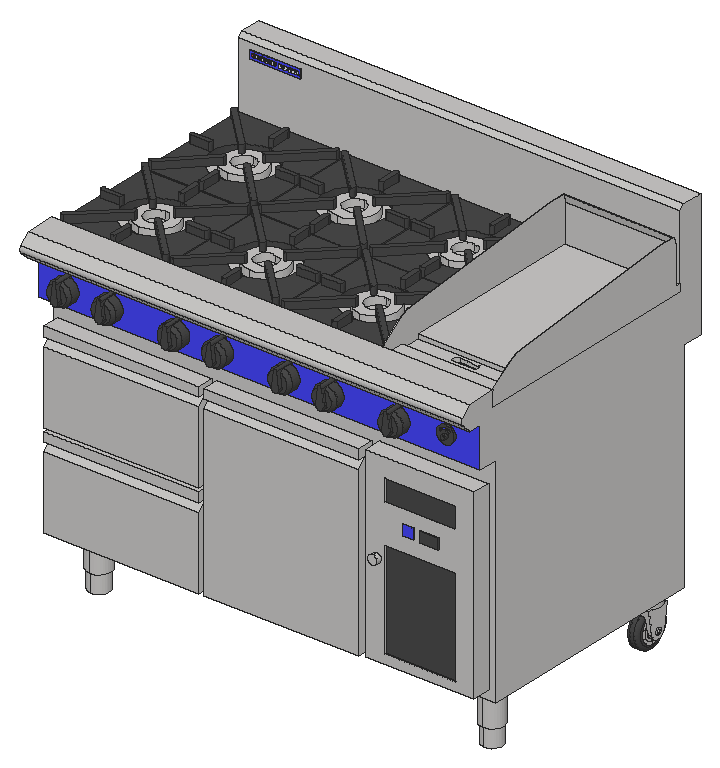
Revit family "QF_MOFFAT_BLUESEAL_CE_G518C-RB", category Specialty Equipment, Revit 2012 (continued)
Definition of nested family "GAS BURNER 900 & GRIDDLE 300"
  Definition of nested family "GAS BURNER 900"
    Lines and regions (mm)
      symbolic lines
        curve 76: arc (296, -635, 0) -> (298.121, -634.121, 0) -> (299, -632, 0) r 3
        curve 77: line (299, -632, 0) -> (299, -324.5, 0)
        curve 78: arc (299, -324.5, 0) -> (298.121, -322.379, 0) -> (296, -321.5, 0) r 3
        curve 79: line (596, -321.5, 0) -> (304, -321.5, 0)
        curve 80: arc (304, -321.5, 0) -> (301.879, -322.379, 0) -> (301, -324.5, 0) r 3
        curve 81: line (301, -324.5, 0) -> (301, -632, 0)
        curve 82: arc (301, -632, 0) -> (301.879, -634.121, 0) -> (304, -635, 0) r 3
        curve 83: line (304, -635, 0) -> (596, -635, 0)
        curve 84: arc (596, -635, 0) -> (598.121, -634.121, 0) -> (599, -632, 0) r 3
        curve 85: line (599, -632, 0) -> (599, -324.5, 0)
        curve 86: arc (599, -324.5, 0) -> (598.121, -322.379, 0) -> (596, -321.5, 0) r 3
        curve 87: line (293.898, -304.847, 0) -> (185.975, -193.424, 0)
        curve 88: spline (185.975, -193.424, 0) -> (184.905, -192.663, 0) -> (183.601, -192.262, 0) -> (182.149, -192.249, 0) -> (180.65, -192.625, 0) -> (179.205, -193.363, 0) -> (177.914, -194.414, 0) -> (176.863, -195.705, 0) -> (176.125, -197.15, 0) -> (175.749, -198.649, 0) -> (175.762, -200.101, 0) -> (176.163, -201.405, 0) -> (176.924, -202.475, 0)
        curve 89: line (176.924, -202.475, 0) -> (284.847, -313.898, 0)
        curve 90: spline (284.847, -313.898, 0) -> (285.916, -314.659, 0) -> (287.221, -315.059, 0) -> (288.672, -315.072, 0) -> (290.171, -314.697, 0) -> (291.616, -313.959, 0) -> (292.908, -312.908, 0) -> (293.959, -311.616, 0) -> (294.697, -310.171, 0) -> (295.072, -308.672, 0) -> (295.059, -307.221, 0) -> (294.659, -305.916, 0) -> (293.898, -304.847, 0)
        curve 91: line (15.153, -313.898, 0) -> (123.076, -202.475, 0)
        curve 92: spline (123.076, -202.475, 0) -> (123.837, -201.405, 0) -> (124.238, -200.101, 0) -> (124.251, -198.649, 0) -> (123.875, -197.15, 0) -> (123.137, -195.705, 0) -> (122.086, -194.414, 0) -> (120.795, -193.363, 0) -> (119.35, -192.625, 0) -> (117.851, -192.249, 0) -> (116.399, -192.262, 0) -> (115.095, -192.663, 0) -> (114.025, -193.424, 0)
        curve 93: line (114.025, -193.424, 0) -> (6.102, -304.847, 0)
        curve 94: spline (6.102, -304.847, 0) -> (5.341, -305.916, 0) -> (4.941, -307.221, 0) -> (4.928, -308.672, 0) -> (5.303, -310.171, 0) -> (6.041, -311.616, 0) -> (7.092, -312.908, 0) -> (8.384, -313.959, 0) -> (9.829, -314.697, 0) -> (11.328, -315.072, 0) -> (12.779, -315.059, 0) -> (14.084, -314.659, 0) -> (15.153, -313.898, 0)
        curve 95: line (8.898, -172.9, 0) -> (58.102, -172.9, 0)
        curve 96: spline (58.102, -172.9, 0) -> (59.396, -172.682, 0) -> (60.602, -172.043, 0) -> (61.638, -171.025, 0) -> (62.432, -169.7, 0) -> (62.932, -168.156, 0) -> (63.102, -166.5, 0) -> (62.932, -164.844, 0) -> (62.432, -163.3, 0) -> (61.638, -161.975, 0) -> (60.602, -160.957, 0) -> (59.396, -160.318, 0) -> (58.102, -160.1, 0)
        curve 97: line (58.102, -160.1, 0) -> (8.898, -160.1, 0)
        curve 98: spline (8.898, -160.1, 0) -> (7.604, -160.318, 0) -> (6.398, -160.957, 0) -> (5.362, -161.975, 0) -> (4.568, -163.3, 0) -> (4.068, -164.844, 0) -> (3.898, -166.5, 0) -> (4.068, -168.156, 0) -> (4.568, -169.7, 0) -> (5.362, -171.025, 0) -> (6.398, -172.043, 0) -> (7.604, -172.682, 0) -> (8.898, -172.9, 0)
        curve 99: line (6.102, -31.653, 0) -> (114.025, -139.576, 0)
        curve 100: spline (114.025, -139.576, 0) -> (115.095, -140.337, 0) -> (116.399, -140.738, 0) -> (117.851, -140.751, 0) -> (119.35, -140.375, 0) -> (120.795, -139.637, 0) -> (122.086, -138.586, 0) -> (123.137, -137.295, 0) -> (123.875, -135.85, 0) -> (124.251, -134.351, 0) -> (124.238, -132.899, 0) -> (123.837, -131.595, 0) -> (123.076, -130.525, 0)
        curve 101: line (123.076, -130.525, 0) -> (15.153, -22.602, 0)
        curve 102: spline (15.153, -22.602, 0) -> (13.924, -21.681, 0) -> (12.47, -21.131, 0) -> (10.89, -20.99, 0) -> (9.292, -21.267, 0) -> (7.786, -21.943, 0) -> (6.473, -22.973, 0) -> (5.443, -24.286, 0) -> (4.767, -25.792, 0) -> (4.49, -27.39, 0) -> (4.631, -28.97, 0) -> (5.181, -30.424, 0) -> (6.102, -31.653, 0)
        curve 103: arc (150, -136.5, 0) -> (180, -166.5, 0) -> (150, -196.5, 0) r 30
        curve 104: arc (150, -196.5, 0) -> (120, -166.5, 0) -> (150, -136.5, 0) r 30
        curve 105: line (156.4, -311.102, 0) -> (156.4, -261.898, 0)
        curve 106: spline (156.4, -261.898, 0) -> (156.182, -260.604, 0) -> (155.543, -259.398, 0) -> (154.525, -258.362, 0) -> (153.2, -257.568, 0) -> (151.656, -257.068, 0) -> (150, -256.898, 0) -> (148.344, -257.068, 0) -> (146.8, -257.568, 0) -> (145.475, -258.362, 0) -> (144.457, -259.398, 0) -> (143.818, -260.604, 0) -> (143.6, -261.898, 0)
        curve 107: line (143.6, -261.898, 0) -> (143.6, -311.102, 0)
        curve 108: spline (143.6, -311.102, 0) -> (143.818, -312.396, 0) -> (144.457, -313.602, 0) -> (145.475, -314.638, 0) -> (146.8, -315.432, 0) -> (148.344, -315.932, 0) -> (150, -316.102, 0) -> (151.656, -315.932, 0) -> (153.2, -315.432, 0) -> (154.525, -314.638, 0) -> (155.543, -313.602, 0) -> (156.182, -312.396, 0) -> (156.4, -311.102, 0)
        curve 109: line (156.4, -378.102, 0) -> (156.4, -328.898, 0)
        curve 110: spline (156.4, -328.898, 0) -> (156.182, -327.604, 0) -> (155.543, -326.398, 0) -> (154.525, -325.362, 0) -> (153.2, -324.568, 0) -> (151.656, -324.068, 0) -> (150, -323.898, 0) -> (148.344, -324.068, 0) -> (146.8, -324.568, 0) -> (145.475, -325.362, 0) -> (144.457, -326.398, 0) -> (143.818, -327.604, 0) -> (143.6, -328.898, 0)
        curve 111: line (143.6, -328.898, 0) -> (143.6, -378.102, 0)
        curve 112: spline (143.6, -378.102, 0) -> (143.818, -379.396, 0) -> (144.457, -380.602, 0) -> (145.475, -381.638, 0) -> (146.8, -382.432, 0) -> (148.344, -382.932, 0) -> (150, -383.102, 0) -> (151.656, -382.932, 0) -> (153.2, -382.432, 0) -> (154.525, -381.638, 0) -> (155.543, -380.602, 0) -> (156.182, -379.396, 0) -> (156.4, -378.102, 0)
        curve 113: line (284.847, -326.102, 0) -> (176.924, -434.025, 0)
        curve 114: spline (176.924, -434.025, 0) -> (176.163, -435.095, 0) -> (175.762, -436.399, 0) -> (175.749, -437.851, 0) -> (176.125, -439.35, 0) -> (176.863, -440.795, 0) -> (177.914, -442.086, 0) -> (179.205, -443.137, 0) -> (180.65, -443.875, 0) -> (182.149, -444.251, 0) -> (183.601, -444.238, 0) -> (184.905, -443.837, 0) -> (185.975, -443.076, 0)
        curve 115: line (185.975, -443.076, 0) -> (293.898, -335.153, 0)
        curve 116: spline (293.898, -335.153, 0) -> (294.659, -334.084, 0) -> (295.059, -332.779, 0) -> (295.072, -331.328, 0) -> (294.697, -329.829, 0) -> (293.959, -328.384, 0) -> (292.908, -327.092, 0) -> (291.616, -326.041, 0) -> (290.171, -325.303, 0) -> (288.672, -324.928, 0) -> (287.221, -324.941, 0) -> (285.916, -325.341, 0) -> (284.847, -326.102, 0)
        curve 117: line (123.076, -434.025, 0) -> (15.153, -326.102, 0)
        curve 118: spline (15.153, -326.102, 0) -> (13.924, -325.181, 0) -> (12.47, -324.631, 0) -> (10.89, -324.49, 0) -> (9.292, -324.767, 0) -> (7.786, -325.443, 0) -> (6.473, -326.473, 0) -> (5.443, -327.786, 0) -> (4.767, -329.292, 0) -> (4.49, -330.89, 0) -> (4.631, -332.47, 0) -> (5.181, -333.924, 0) -> (6.102, -335.153, 0)
        curve 119: line (6.102, -335.153, 0) -> (114.025, -443.076, 0)
        curve 120: spline (114.025, -443.076, 0) -> (115.095, -443.837, 0) -> (116.399, -444.238, 0) -> (117.851, -444.251, 0) -> (119.35, -443.875, 0) -> (120.795, -443.137, 0) -> (122.086, -442.086, 0) -> (123.137, -440.795, 0) -> (123.875, -439.35, 0) -> (124.251, -437.851, 0) -> (124.238, -436.399, 0) -> (123.837, -435.095, 0) -> (123.076, -434.025, 0)
        curve 121: line (58.102, -463.6, 0) -> (8.898, -463.6, 0)
        curve 122: spline (8.898, -463.6, 0) -> (7.604, -463.818, 0) -> (6.398, -464.457, 0) -> (5.362, -465.475, 0) -> (4.568, -466.8, 0) -> (4.068, -468.344, 0) -> (3.898, -470, 0) -> (4.068, -471.656, 0) -> (4.568, -473.2, 0) -> (5.362, -474.525, 0) -> (6.398, -475.543, 0) -> (7.604, -476.182, 0) -> (8.898, -476.4, 0)
        curve 123: line (8.898, -476.4, 0) -> (58.102, -476.4, 0)
        curve 124: spline (58.102, -476.4, 0) -> (59.396, -476.182, 0) -> (60.602, -475.543, 0) -> (61.638, -474.525, 0) -> (62.432, -473.2, 0) -> (62.932, -471.656, 0) -> (63.102, -470, 0) -> (62.932, -468.344, 0) -> (62.432, -466.8, 0) -> (61.638, -465.475, 0) -> (60.602, -464.457, 0) -> (59.396, -463.818, 0) -> (58.102, -463.6, 0)
        curve 125: line (114.025, -496.924, 0) -> (6.102, -603.347, 0)
        curve 126: spline (6.102, -603.347, 0) -> (5.341, -604.416, 0) -> (4.941, -605.721, 0) -> (4.928, -607.172, 0) -> (5.303, -608.671, 0) -> (6.041, -610.116, 0) -> (7.092, -611.408, 0) -> (8.384, -612.459, 0) -> (9.829, -613.197, 0) -> (11.328, -613.572, 0) -> (12.779, -613.559, 0) -> (14.084, -613.159, 0) -> (15.153, -612.398, 0)
        curve 127: line (15.153, -612.398, 0) -> (123.076, -505.975, 0)
        curve 128: spline (123.076, -505.975, 0) -> (123.837, -504.905, 0) -> (124.238, -503.601, 0) -> (124.251, -502.149, 0) -> (123.875, -500.65, 0) -> (123.137, -499.205, 0) -> (122.086, -497.914, 0) -> (120.795, -496.863, 0) -> (119.35, -496.125, 0) -> (117.851, -495.749, 0) -> (116.399, -495.762, 0) -> (115.095, -496.163, 0) -> (114.025, -496.924, 0)
        curve 129: line (156.4, -609.602, 0) -> (156.4, -561.898, 0)
        curve 130: spline (156.4, -561.898, 0) -> (156.182, -560.604, 0) -> (155.543, -559.398, 0) -> (154.525, -558.362, 0) -> (153.2, -557.568, 0) -> (151.656, -557.068, 0) -> (150, -556.898, 0) -> (148.344, -557.068, 0) -> (146.8, -557.568, 0) -> (145.475, -558.362, 0) -> (144.457, -559.398, 0) -> (143.818, -560.604, 0) -> (143.6, -561.898, 0)
        curve 131: line (143.6, -561.898, 0) -> (143.6, -609.602, 0)
        curve 132: spline (143.6, -609.602, 0) -> (143.818, -610.896, 0) -> (144.457, -612.102, 0) -> (145.475, -613.138, 0) -> (146.8, -613.932, 0) -> (148.344, -614.432, 0) -> (150, -614.602, 0) -> (151.656, -614.432, 0) -> (153.2, -613.932, 0) -> (154.525, -613.138, 0) -> (155.543, -612.102, 0) -> (156.182, -610.896, 0) -> (156.4, -609.602, 0)
        curve 133: line (176.924, -505.975, 0) -> (284.847, -612.398, 0)
        curve 134: spline (284.847, -612.398, 0) -> (285.916, -613.159, 0) -> (287.221, -613.559, 0) -> (288.672, -613.572, 0) -> (290.171, -613.197, 0) -> (291.616, -612.459, 0) -> (292.908, -611.408, 0) -> (293.959, -610.116, 0) -> (294.697, -608.671, 0) -> (295.072, -607.172, 0) -> (295.059, -605.721, 0) -> (294.659, -604.416, 0) -> (293.898, -603.347, 0)
        curve 135: line (293.898, -603.347, 0) -> (185.975, -496.924, 0)
        curve 136: spline (185.975, -496.924, 0) -> (184.905, -496.163, 0) -> (183.601, -495.762, 0) -> (182.149, -495.749, 0) -> (180.65, -496.125, 0) -> (179.205, -496.863, 0) -> (177.914, -497.914, 0) -> (176.863, -499.205, 0) -> (176.125, -500.65, 0) -> (175.749, -502.149, 0) -> (175.762, -503.601, 0) -> (176.163, -504.905, 0) -> (176.924, -505.975, 0)
        curve 137: arc (149.991, -384.418, 0) -> (179.687, -389.836, 0) -> (205.556, -405.393, 0) r 84.082
        curve 138: arc (149.991, -552.582, 0) -> (121.173, -547.489, 0) -> (95.845, -532.827, 0) r 84.082
        curve 139: arc (150, -523.5, 0) -> (167.666, -520.693, 0) -> (183.592, -512.55, 0) r 57
        curve 140: arc (150, -409.5, 0) -> (130.014, -413.119, 0) -> (112.566, -423.515, 0) r 57
        curve 141: arc (150, -436.5, 0) -> (180, -466.5, 0) -> (150, -496.5, 0) r 30
        curve 142: arc (150, -496.5, 0) -> (120, -466.5, 0) -> (150, -436.5, 0) r 30
        curve 143: line (291.102, -463.6, 0) -> (241.898, -463.6, 0)
        curve 144: spline (241.898, -463.6, 0) -> (240.604, -463.818, 0) -> (239.398, -464.457, 0) -> (238.362, -465.475, 0) -> (237.568, -466.8, 0) -> (237.068, -468.344, 0) -> (236.898, -470, 0) -> (237.068, -471.656, 0) -> (237.568, -473.2, 0) -> (238.362, -474.525, 0) -> (239.398, -475.543, 0) -> (240.604, -476.182, 0) -> (241.898, -476.4, 0)
        curve 145: line (241.898, -476.4, 0) -> (291.102, -476.4, 0)
        curve 146: spline (291.102, -476.4, 0) -> (292.396, -476.182, 0) -> (293.602, -475.543, 0) -> (294.638, -474.525, 0) -> (295.432, -473.2, 0) -> (295.932, -471.656, 0) -> (296.102, -470, 0) -> (295.932, -468.344, 0) -> (295.432, -466.8, 0) -> (294.638, -465.475, 0) -> (293.602, -464.457, 0) -> (292.396, -463.818, 0) -> (291.102, -463.6, 0)
        curve 147: line (423.076, -434.025, 0) -> (315.153, -326.102, 0)
        curve 148: spline (315.153, -326.102, 0) -> (314.084, -325.341, 0) -> (312.779, -324.941, 0) -> (311.328, -324.928, 0) -> (309.829, -325.303, 0) -> (308.384, -326.041, 0) -> (307.092, -327.092, 0) -> (306.041, -328.384, 0) -> (305.303, -329.829, 0) -> (304.928, -331.328, 0) -> (304.941, -332.779, 0) -> (305.341, -334.084, 0) -> (306.102, -335.153, 0)
        curve 149: line (306.102, -335.153, 0) -> (414.025, -443.076, 0)
        curve 150: spline (414.025, -443.076, 0) -> (415.095, -443.837, 0) -> (416.399, -444.238, 0) -> (417.851, -444.251, 0) -> (419.35, -443.875, 0) -> (420.795, -443.137, 0) -> (422.086, -442.086, 0) -> (423.137, -440.795, 0) -> (423.875, -439.35, 0) -> (424.251, -437.851, 0) -> (424.238, -436.399, 0) -> (423.837, -435.095, 0) -> (423.076, -434.025, 0)
        curve 151: line (443.6, -328.898, 0) -> (443.6, -378.102, 0)
        curve 152: spline (443.6, -378.102, 0) -> (443.818, -379.396, 0) -> (444.457, -380.602, 0) -> (445.475, -381.638, 0) -> (446.8, -382.432, 0) -> (448.344, -382.932, 0) -> (450, -383.102, 0) -> (451.656, -382.932, 0) -> (453.2, -382.432, 0) -> (454.525, -381.638, 0) -> (455.543, -380.602, 0) -> (456.182, -379.396, 0) -> (456.4, -378.102, 0)
        curve 153: line (456.4, -378.102, 0) -> (456.4, -328.898, 0)
        curve 154: spline (456.4, -328.898, 0) -> (456.182, -327.604, 0) -> (455.543, -326.398, 0) -> (454.525, -325.362, 0) -> (453.2, -324.568, 0) -> (451.656, -324.068, 0) -> (450, -323.898, 0) -> (448.344, -324.068, 0) -> (446.8, -324.568, 0) -> (445.475, -325.362, 0) -> (444.457, -326.398, 0) -> (443.818, -327.604, 0) -> (443.6, -328.898, 0)
        curve 155: line (584.847, -326.102, 0) -> (476.924, -434.025, 0)
        curve 156: spline (476.924, -434.025, 0) -> (476.163, -435.095, 0) -> (475.762, -436.399, 0) -> (475.749, -437.851, 0) -> (476.125, -439.35, 0) -> (476.863, -440.795, 0) -> (477.914, -442.086, 0) -> (479.205, -443.137, 0) -> (480.65, -443.875, 0) -> (482.149, -444.251, 0) -> (483.601, -444.238, 0) -> (484.905, -443.837, 0) -> (485.975, -443.076, 0)
        curve 157: line (485.975, -443.076, 0) -> (593.898, -335.153, 0)
        curve 158: spline (593.898, -335.153, 0) -> (594.819, -333.924, 0) -> (595.369, -332.47, 0) -> (595.51, -330.89, 0) -> (595.233, -329.292, 0) -> (594.557, -327.786, 0) -> (593.527, -326.473, 0) -> (592.214, -325.443, 0) -> (590.708, -324.767, 0) -> (589.11, -324.49, 0) -> (587.53, -324.631, 0) -> (586.076, -325.181, 0) -> (584.847, -326.102, 0)
        curve 159: line (591.102, -463.6, 0) -> (541.898, -463.6, 0)
        curve 160: spline (541.898, -463.6, 0) -> (540.604, -463.818, 0) -> (539.398, -464.457, 0) -> (538.362, -465.475, 0) -> (537.568, -466.8, 0) -> (537.068, -468.344, 0) -> (536.898, -470, 0) -> (537.068, -471.656, 0) -> (537.568, -473.2, 0) -> (538.362, -474.525, 0) -> (539.398, -475.543, 0) -> (540.604, -476.182, 0) -> (541.898, -476.4, 0)
        curve 161: line (541.898, -476.4, 0) -> (591.102, -476.4, 0)
        curve 162: spline (591.102, -476.4, 0) -> (592.396, -476.182, 0) -> (593.602, -475.543, 0) -> (594.638, -474.525, 0) -> (595.432, -473.2, 0) -> (595.932, -471.656, 0) -> (596.102, -470, 0) -> (595.932, -468.344, 0) -> (595.432, -466.8, 0) -> (594.638, -465.475, 0) -> (593.602, -464.457, 0) -> (592.396, -463.818, 0) -> (591.102, -463.6, 0)
        curve 163: line (593.898, -603.347, 0) -> (485.975, -496.924, 0)
        curve 164: spline (485.975, -496.924, 0) -> (484.905, -496.163, 0) -> (483.601, -495.762, 0) -> (482.149, -495.749, 0) -> (480.65, -496.125, 0) -> (479.205, -496.863, 0) -> (477.914, -497.914, 0) -> (476.863, -499.205, 0) -> (476.125, -500.65, 0) -> (475.749, -502.149, 0) -> (475.762, -503.601, 0) -> (476.163, -504.905, 0) -> (476.924, -505.975, 0)
        curve 165: line (476.924, -505.975, 0) -> (584.847, -612.398, 0)
        curve 166: spline (584.847, -612.398, 0) -> (585.916, -613.159, 0) -> (587.221, -613.559, 0) -> (588.672, -613.572, 0) -> (590.171, -613.197, 0) -> (591.616, -612.459, 0) -> (592.908, -611.408, 0) -> (593.959, -610.116, 0) -> (594.697, -608.671, 0) -> (595.072, -607.172, 0) -> (595.059, -605.721, 0) -> (594.659, -604.416, 0) -> (593.898, -603.347, 0)
        curve 167: line (315.153, -612.398, 0) -> (423.076, -505.975, 0)
        curve 168: spline (423.076, -505.975, 0) -> (423.837, -504.905, 0) -> (424.238, -503.601, 0) -> (424.251, -502.149, 0) -> (423.875, -500.65, 0) -> (423.137, -499.205, 0) -> (422.086, -497.914, 0) -> (420.795, -496.863, 0) -> (419.35, -496.125, 0) -> (417.851, -495.749, 0) -> (416.399, -495.762, 0) -> (415.095, -496.163, 0) -> (414.025, -496.924, 0)
        curve 169: line (414.025, -496.924, 0) -> (306.102, -603.347, 0)
        curve 170: spline (306.102, -603.347, 0) -> (305.341, -604.416, 0) -> (304.941, -605.721, 0) -> (304.928, -607.172, 0) -> (305.303, -608.671, 0) -> (306.041, -610.116, 0) -> (307.092, -611.408, 0) -> (308.384, -612.459, 0) -> (309.829, -613.197, 0) -> (311.328, -613.572, 0) -> (312.779, -613.559, 0) -> (314.084, -613.159, 0) -> (315.153, -612.398, 0)
        curve 171: line (308.898, -476.4, 0) -> (358.102, -476.4, 0)
        curve 172: spline (358.102, -476.4, 0) -> (359.396, -476.182, 0) -> (360.602, -475.543, 0) -> (361.638, -474.525, 0) -> (362.432, -473.2, 0) -> (362.932, -471.656, 0) -> (363.102, -470, 0) -> (362.932, -468.344, 0) -> (362.432, -466.8, 0) -> (361.638, -465.475, 0) -> (360.602, -464.457, 0) -> (359.396, -463.818, 0) -> (358.102, -463.6, 0)
        curve 173: line (358.102, -463.6, 0) -> (308.898, -463.6, 0)
        curve 174: spline (308.898, -463.6, 0) -> (307.604, -463.818, 0) -> (306.398, -464.457, 0) -> (305.362, -465.475, 0) -> (304.568, -466.8, 0) -> (304.068, -468.344, 0) -> (303.898, -470, 0) -> (304.068, -471.656, 0) -> (304.568, -473.2, 0) -> (305.362, -474.525, 0) -> (306.398, -475.543, 0) -> (307.604, -476.182, 0) -> (308.898, -476.4, 0)
        curve 175: line (456.4, -609.602, 0) -> (456.4, -561.898, 0)
        curve 176: spline (456.4, -561.898, 0) -> (456.182, -560.604, 0) -> (455.543, -559.398, 0) -> (454.525, -558.362, 0) -> (453.2, -557.568, 0) -> (451.656, -557.068, 0) -> (450, -556.898, 0) -> (448.344, -557.068, 0) -> (446.8, -557.568, 0) -> (445.475, -558.362, 0) -> (444.457, -559.398, 0) -> (443.818, -560.604, 0) -> (443.6, -561.898, 0)
        curve 177: line (443.6, -561.898, 0) -> (443.6, -609.602, 0)
        curve 178: spline (443.6, -609.602, 0) -> (443.818, -610.896, 0) -> (444.457, -612.102, 0) -> (445.475, -613.138, 0) -> (446.8, -613.932, 0) -> (448.344, -614.432, 0) -> (450, -614.602, 0) -> (451.656, -614.432, 0) -> (453.2, -613.932, 0) -> (454.525, -613.138, 0) -> (455.543, -612.102, 0) -> (456.182, -610.896, 0) -> (456.4, -609.602, 0)
        curve 179: arc (450.009, -384.418, 0) -> (479.699, -389.834, 0) -> (505.564, -405.385, 0) r 84.082
        curve 180: arc (450.009, -552.582, 0) -> (417.885, -546.204, 0) -> (390.635, -528.036, 0) r 84.082
        curve 181: arc (450, -523.5, 0) -> (467.666, -520.693, 0) -> (483.592, -512.55, 0) r 57
        curve 182: arc (450, -409.5, 0) -> (430.014, -413.119, 0) -> (412.566, -423.515, 0) r 57
        curve 183: arc (450, -436.5, 0) -> (480, -466.5, 0) -> (450, -496.5, 0) r 30
        curve 184: arc (450, -496.5, 0) -> (420, -466.5, 0) -> (450, -436.5, 0) r 30
        curve 185: arc (96.324, -103.773, 0) -> (121.466, -89.404, 0) -> (149.991, -84.418, 0) r 84.082
        curve 186: arc (212.871, -112.68, 0) -> (234.066, -167.408, 0) -> (214.3, -222.668, 0) r 84.082
        curve 187: arc (194.454, -202.178, 0) -> (207, -166.598, 0) -> (194.576, -130.975, 0) r 57
        curve 188: arc (114.628, -211.197, 0) -> (131.275, -220.336, 0) -> (150, -223.5, 0) r 57
        curve 189: arc (405.424, -130.975, 0) -> (393, -166.598, 0) -> (405.546, -202.178, 0) r 57
        curve 190: arc (485.525, -121.924, 0) -> (468.817, -112.696, 0) -> (450, -109.5, 0) r 57
        curve 191: arc (494.454, -202.178, 0) -> (507, -166.598, 0) -> (494.576, -130.975, 0) r 57
        curve 192: arc (414.628, -211.197, 0) -> (431.275, -220.336, 0) -> (450, -223.5, 0) r 57
        curve 193: arc (105.424, -130.975, 0) -> (93, -166.598, 0) -> (105.546, -202.178, 0) r 57
        curve 194: arc (514.501, -414.55, 0) -> (534.086, -469.429, 0) -> (513.293, -523.862, 0) r 84.082
        curve 195: arc (504.155, -532.827, 0) -> (478.827, -547.489, 0) -> (450.009, -552.582, 0) r 84.082
        curve 196: arc (493.031, -503.881, 0) -> (506.947, -468.956, 0) -> (496.089, -432.962, 0) r 57
        curve 197: arc (416.408, -512.55, 0) -> (432.334, -520.693, 0) -> (450, -523.5, 0) r 57
        curve 198: arc (403.911, -432.962, 0) -> (393.053, -468.956, 0) -> (406.969, -503.881, 0) r 57
        curve 199: arc (487.434, -423.515, 0) -> (469.986, -413.119, 0) -> (450, -409.5, 0) r 57
        curve 200: arc (187.434, -423.515, 0) -> (169.986, -413.119, 0) -> (150, -409.5, 0) r 57
        curve 201: arc (103.911, -432.962, 0) -> (93.053, -468.956, 0) -> (106.969, -503.881, 0) r 57
        curve 202: arc (109.732, -506.842, 0) -> (110.614, -507.704, 0) -> (111.516, -508.547, 0) r 57
        curve 203: arc (193.031, -503.881, 0) -> (206.947, -468.956, 0) -> (196.089, -432.962, 0) r 57
        curve 204: arc (214.491, -414.56, 0) -> (234.068, -469.429, 0) -> (213.283, -523.853, 0) r 84.082
        curve 205: arc (94.436, -405.385, 0) -> (120.301, -389.834, 0) -> (149.991, -384.418, 0) r 84.082
        curve 206: arc (86.707, -523.862, 0) -> (65.914, -469.429, 0) -> (85.499, -414.55, 0) r 84.082
        curve 207: arc (116.408, -512.55, 0) -> (132.334, -520.693, 0) -> (150, -523.5, 0) r 57
        curve 208: arc (204.147, -532.819, 0) -> (178.816, -547.487, 0) -> (149.991, -552.582, 0) r 84.082
        curve 209: arc (394.444, -405.393, 0) -> (420.313, -389.836, 0) -> (450.009, -384.418, 0) r 84.082
        curve 210: arc (390.635, -528.036, 0) -> (366.012, -472.294, 0) -> (385.509, -414.56, 0) r 84.082
        curve 211: arc (185.525, -121.924, 0) -> (168.817, -112.696, 0) -> (150, -109.5, 0) r 57
        curve 212: arc (396.332, -103.781, 0) -> (421.477, -89.406, 0) -> (450.009, -84.418, 0) r 84.082
        curve 213: arc (512.881, -112.67, 0) -> (534.084, -167.408, 0) -> (514.31, -222.678, 0) r 84.082
        curve 214: arc (505.339, -231.812, 0) -> (479.559, -247.219, 0) -> (450.009, -252.582, 0) r 84.082
        curve 215: arc (385.7, -222.668, 0) -> (365.934, -167.408, 0) -> (387.129, -112.68, 0) r 84.082
        curve 216: arc (205.331, -231.803, 0) -> (179.547, -247.216, 0) -> (149.991, -252.582, 0) r 84.082
        curve 217: arc (85.69, -222.678, 0) -> (65.916, -167.408, 0) -> (87.119, -112.67, 0) r 84.082
        curve 218: spline (724.076, -130.525, 0) -> (724.837, -131.595, 0) -> (725.238, -132.899, 0) -> (725.251, -134.351, 0) -> (724.875, -135.85, 0) -> (724.137, -137.295, 0) -> (723.086, -138.586, 0) -> (721.795, -139.637, 0) -> (720.35, -140.375, 0) -> (718.851, -140.751, 0) -> (717.399, -140.738, 0) -> (716.095, -140.337, 0) -> (715.025, -139.576, 0)
        curve 219: spline (659.102, -160.1, 0) -> (660.396, -160.318, 0) -> (661.602, -160.957, 0) -> (662.638, -161.975, 0) -> (663.432, -163.3, 0) -> (663.932, -164.844, 0) -> (664.102, -166.5, 0) -> (663.932, -168.156, 0) -> (663.432, -169.7, 0) -> (662.638, -171.025, 0) -> (661.602, -172.043, 0) -> (660.396, -172.682, 0) -> (659.102, -172.9, 0)
        curve 220: arc (751, -223.5, 0) -> (732.275, -220.336, 0) -> (715.628, -211.197, 0) r 57
        curve 221: arc (751, -109.5, 0) -> (769.817, -112.696, 0) -> (786.525, -121.924, 0) r 57
        curve 222: arc (751.009, -84.418, 0) -> (722.477, -89.406, 0) -> (697.332, -103.781, 0) r 84.082
        curve 223: arc (751.009, -252.582, 0) -> (780.559, -247.219, 0) -> (806.339, -231.812, 0) r 84.082
        curve 224: line (744.6, -74.602, 0) -> (744.6, -25.398, 0)
        curve 225: spline (744.6, -25.398, 0) -> (744.818, -24.104, 0) -> (745.457, -22.898, 0) -> (746.475, -21.862, 0) -> (747.8, -21.068, 0) -> (749.344, -20.568, 0) -> (751, -20.398, 0) -> (752.656, -20.568, 0) -> (754.2, -21.068, 0) -> (755.525, -21.862, 0) -> (756.543, -22.898, 0) -> (757.182, -24.104, 0) -> (757.4, -25.398, 0)
        curve 226: line (757.4, -25.398, 0) -> (757.4, -74.602, 0)
        curve 227: spline (757.4, -74.602, 0) -> (757.182, -75.896, 0) -> (756.543, -77.102, 0) -> (755.525, -78.138, 0) -> (754.2, -78.932, 0) -> (752.656, -79.432, 0) -> (751, -79.602, 0) -> (749.344, -79.432, 0) -> (747.8, -78.932, 0) -> (746.475, -78.138, 0) -> (745.457, -77.102, 0) -> (744.818, -75.896, 0) -> (744.6, -74.602, 0)
        curve 228: arc (897, 0, 0) -> (899.121, -0.879, 0) -> (900, -3, 0) r 3
        curve 229: line (900, -3, 0) -> (900, -315.5, 0)
        curve 230: arc (900, -315.5, 0) -> (899.121, -317.621, 0) -> (897, -318.5, 0) r 3
        curve 231: arc (897, -321.5, 0) -> (899.121, -322.379, 0) -> (900, -324.5, 0) r 3
        curve 232: line (900, -324.5, 0) -> (900, -632, 0)
        curve 233: arc (900, -632, 0) -> (899.121, -634.121, 0) -> (897, -635, 0) r 3
        curve 234: spline (715.025, -193.424, 0) -> (716.095, -192.663, 0) -> (717.399, -192.262, 0) -> (718.851, -192.249, 0) -> (720.35, -192.625, 0) -> (721.795, -193.363, 0) -> (723.086, -194.414, 0) -> (724.137, -195.705, 0) -> (724.875, -197.15, 0) -> (725.251, -198.649, 0) -> (725.238, -200.101, 0) -> (724.837, -201.405, 0) -> (724.076, -202.475, 0)
        curve 235: line (885.847, -313.898, 0) -> (777.924, -202.475, 0)
        curve 236: spline (777.924, -202.475, 0) -> (777.163, -201.405, 0) -> (776.762, -200.101, 0) -> (776.749, -198.649, 0) -> (777.125, -197.15, 0) -> (777.863, -195.705, 0) -> (778.914, -194.414, 0) -> (780.205, -193.363, 0) -> (781.65, -192.625, 0) -> (783.149, -192.249, 0) -> (784.601, -192.262, 0) -> (785.905, -192.663, 0) -> (786.975, -193.424, 0)
        curve 237: line (786.975, -193.424, 0) -> (894.898, -304.847, 0)
        curve 238: spline (894.898, -304.847, 0) -> (895.659, -305.916, 0) -> (896.059, -307.221, 0) -> (896.072, -308.672, 0) -> (895.697, -310.171, 0) -> (894.959, -311.616, 0) -> (893.908, -312.908, 0) -> (892.616, -313.959, 0) -> (891.171, -314.697, 0) -> (889.672, -315.072, 0) -> (888.221, -315.059, 0) -> (886.916, -314.659, 0) -> (885.847, -313.898, 0)
        curve 239: line (892.102, -172.9, 0) -> (842.898, -172.9, 0)
        curve 240: spline (842.898, -172.9, 0) -> (841.604, -172.682, 0) -> (840.398, -172.043, 0) -> (839.362, -171.025, 0) -> (838.568, -169.7, 0) -> (838.068, -168.156, 0) -> (837.898, -166.5, 0) -> (838.068, -164.844, 0) -> (838.568, -163.3, 0) -> (839.362, -161.975, 0) -> (840.398, -160.957, 0) -> (841.604, -160.318, 0) -> (842.898, -160.1, 0)
        curve 241: line (842.898, -160.1, 0) -> (892.102, -160.1, 0)
        curve 242: spline (892.102, -160.1, 0) -> (893.396, -160.318, 0) -> (894.602, -160.957, 0) -> (895.638, -161.975, 0) -> (896.432, -163.3, 0) -> (896.932, -164.844, 0) -> (897.102, -166.5, 0) -> (896.932, -168.156, 0) -> (896.432, -169.7, 0) -> (895.638, -171.025, 0) -> (894.602, -172.043, 0) -> (893.396, -172.682, 0) -> (892.102, -172.9, 0)
        curve 243: line (894.898, -31.653, 0) -> (786.975, -139.576, 0)
        curve 244: spline (786.975, -139.576, 0) -> (785.905, -140.337, 0) -> (784.601, -140.738, 0) -> (783.149, -140.751, 0) -> (781.65, -140.375, 0) -> (780.205, -139.637, 0) -> (778.914, -138.586, 0) -> (777.863, -137.295, 0) -> (777.125, -135.85, 0) -> (776.749, -134.351, 0) -> (776.762, -132.899, 0) -> (777.163, -131.595, 0) -> (777.924, -130.525, 0)
        curve 245: line (777.924, -130.525, 0) -> (885.847, -22.602, 0)
        curve 246: spline (885.847, -22.602, 0) -> (887.076, -21.681, 0) -> (888.53, -21.131, 0) -> (890.11, -20.99, 0) -> (891.708, -21.267, 0) -> (893.214, -21.943, 0) -> (894.527, -22.973, 0) -> (895.557, -24.286, 0) -> (896.233, -25.792, 0) -> (896.51, -27.39, 0) -> (896.369, -28.97, 0) -> (895.819, -30.424, 0) -> (894.898, -31.653, 0)
        curve 247: arc (751, -136.5, 0) -> (721, -166.5, 0) -> (751, -196.5, 0) r 30
        curve 248: arc (751, -196.5, 0) -> (781, -166.5, 0) -> (751, -136.5, 0) r 30
        curve 249: line (744.6, -311.102, 0) -> (744.6, -261.898, 0)
        curve 250: spline (744.6, -261.898, 0) -> (744.818, -260.604, 0) -> (745.457, -259.398, 0) -> (746.475, -258.362, 0) -> (747.8, -257.568, 0) -> (749.344, -257.068, 0) -> (751, -256.898, 0) -> (752.656, -257.068, 0) -> (754.2, -257.568, 0) -> (755.525, -258.362, 0) -> (756.543, -259.398, 0) -> (757.182, -260.604, 0) -> (757.4, -261.898, 0)
        curve 251: line (757.4, -261.898, 0) -> (757.4, -311.102, 0)
        curve 252: spline (757.4, -311.102, 0) -> (757.182, -312.396, 0) -> (756.543, -313.602, 0) -> (755.525, -314.638, 0) -> (754.2, -315.432, 0) -> (752.656, -315.932, 0) -> (751, -316.102, 0) -> (749.344, -315.932, 0) -> (747.8, -315.432, 0) -> (746.475, -314.638, 0) -> (745.457, -313.602, 0) -> (744.818, -312.396, 0) -> (744.6, -311.102, 0)
        curve 253: line (744.6, -378.102, 0) -> (744.6, -328.898, 0)
        curve 254: spline (744.6, -328.898, 0) -> (744.818, -327.604, 0) -> (745.457, -326.398, 0) -> (746.475, -325.362, 0) -> (747.8, -324.568, 0) -> (749.344, -324.068, 0) -> (751, -323.898, 0) -> (752.656, -324.068, 0) -> (754.2, -324.568, 0) -> (755.525, -325.362, 0) -> (756.543, -326.398, 0) -> (757.182, -327.604, 0) -> (757.4, -328.898, 0)
        curve 255: line (757.4, -328.898, 0) -> (757.4, -378.102, 0)
        curve 256: spline (757.4, -378.102, 0) -> (757.182, -379.396, 0) -> (756.543, -380.602, 0) -> (755.525, -381.638, 0) -> (754.2, -382.432, 0) -> (752.656, -382.932, 0) -> (751, -383.102, 0) -> (749.344, -382.932, 0) -> (747.8, -382.432, 0) -> (746.475, -381.638, 0) -> (745.457, -380.602, 0) -> (744.818, -379.396, 0) -> (744.6, -378.102, 0)
        curve 257: spline (724.076, -434.025, 0) -> (724.837, -435.095, 0) -> (725.238, -436.399, 0) -> (725.251, -437.851, 0) -> (724.875, -439.35, 0) -> (724.137, -440.795, 0) -> (723.086, -442.086, 0) -> (721.795, -443.137, 0) -> (720.35, -443.875, 0) -> (718.851, -444.251, 0) -> (717.399, -444.238, 0) -> (716.095, -443.837, 0) -> (715.025, -443.076, 0)
        curve 258: line (777.924, -434.025, 0) -> (885.847, -326.102, 0)
        curve 259: spline (885.847, -326.102, 0) -> (887.076, -325.181, 0) -> (888.53, -324.631, 0) -> (890.11, -324.49, 0) -> (891.708, -324.767, 0) -> (893.214, -325.443, 0) -> (894.527, -326.473, 0) -> (895.557, -327.786, 0) -> (896.233, -329.292, 0) -> (896.51, -330.89, 0) -> (896.369, -332.47, 0) -> (895.819, -333.924, 0) -> (894.898, -335.153, 0)
        curve 260: line (894.898, -335.153, 0) -> (786.975, -443.076, 0)
        curve 261: spline (786.975, -443.076, 0) -> (785.905, -443.837, 0) -> (784.601, -444.238, 0) -> (783.149, -444.251, 0) -> (781.65, -443.875, 0) -> (780.205, -443.137, 0) -> (778.914, -442.086, 0) -> (777.863, -440.795, 0) -> (777.125, -439.35, 0) -> (776.749, -437.851, 0) -> (776.762, -436.399, 0) -> (777.163, -435.095, 0) -> (777.924, -434.025, 0)
        curve 262: line (842.898, -463.6, 0) -> (892.102, -463.6, 0)
        curve 263: spline (892.102, -463.6, 0) -> (893.396, -463.818, 0) -> (894.602, -464.457, 0) -> (895.638, -465.475, 0) -> (896.432, -466.8, 0) -> (896.932, -468.344, 0) -> (897.102, -470, 0) -> (896.932, -471.656, 0) -> (896.432, -473.2, 0) -> (895.638, -474.525, 0) -> (894.602, -475.543, 0) -> (893.396, -476.182, 0) -> (892.102, -476.4, 0)
        curve 264: line (892.102, -476.4, 0) -> (842.898, -476.4, 0)
        curve 265: spline (842.898, -476.4, 0) -> (841.604, -476.182, 0) -> (840.398, -475.543, 0) -> (839.362, -474.525, 0) -> (838.568, -473.2, 0) -> (838.068, -471.656, 0) -> (837.898, -470, 0) -> (838.068, -468.344, 0) -> (838.568, -466.8, 0) -> (839.362, -465.475, 0) -> (840.398, -464.457, 0) -> (841.604, -463.818, 0) -> (842.898, -463.6, 0)
        curve 266: line (786.975, -496.924, 0) -> (894.898, -603.347, 0)
        curve 267: spline (894.898, -603.347, 0) -> (895.659, -604.416, 0) -> (896.059, -605.721, 0) -> (896.072, -607.172, 0) -> (895.697, -608.671, 0) -> (894.959, -610.116, 0) -> (893.908, -611.408, 0) -> (892.616, -612.459, 0) -> (891.171, -613.197, 0) -> (889.672, -613.572, 0) -> (888.221, -613.559, 0) -> (886.916, -613.159, 0) -> (885.847, -612.398, 0)
        curve 268: line (885.847, -612.398, 0) -> (777.924, -505.975, 0)
        curve 269: spline (777.924, -505.975, 0) -> (777.163, -504.905, 0) -> (776.762, -503.601, 0) -> (776.749, -502.149, 0) -> (777.125, -500.65, 0) -> (777.863, -499.205, 0) -> (778.914, -497.914, 0) -> (780.205, -496.863, 0) -> (781.65, -496.125, 0) -> (783.149, -495.749, 0) -> (784.601, -495.762, 0) -> (785.905, -496.163, 0) -> (786.975, -496.924, 0)
        curve 270: line (744.6, -609.602, 0) -> (744.6, -561.898, 0)
        curve 271: spline (744.6, -561.898, 0) -> (744.818, -560.604, 0) -> (745.457, -559.398, 0) -> (746.475, -558.362, 0) -> (747.8, -557.568, 0) -> (749.344, -557.068, 0) -> (751, -556.898, 0) -> (752.656, -557.068, 0) -> (754.2, -557.568, 0) -> (755.525, -558.362, 0) -> (756.543, -559.398, 0) -> (757.182, -560.604, 0) -> (757.4, -561.898, 0)
        curve 272: line (757.4, -561.898, 0) -> (757.4, -609.602, 0)
        curve 273: spline (757.4, -609.602, 0) -> (757.182, -610.896, 0) -> (756.543, -612.102, 0) -> (755.525, -613.138, 0) -> (754.2, -613.932, 0) -> (752.656, -614.432, 0) -> (751, -614.602, 0) -> (749.344, -614.432, 0) -> (747.8, -613.932, 0) -> (746.475, -613.138, 0) -> (745.457, -612.102, 0) -> (744.818, -610.896, 0) -> (744.6, -609.602, 0)
        curve 274: spline (715.025, -496.924, 0) -> (716.095, -496.163, 0) -> (717.399, -495.762, 0) -> (718.851, -495.749, 0) -> (720.35, -496.125, 0) -> (721.795, -496.863, 0) -> (723.086, -497.914, 0) -> (724.137, -499.205, 0) -> (724.875, -500.65, 0) -> (725.251, -502.149, 0) -> (725.238, -503.601, 0) -> (724.837, -504.905, 0) -> (724.076, -505.975, 0)
        curve 275: arc (751.009, -384.418, 0) -> (721.313, -389.836, 0) -> (695.444, -405.393, 0) r 84.082
        curve 276: arc (751.009, -552.582, 0) -> (779.827, -547.489, 0) -> (805.155, -532.827, 0) r 84.082
        curve 277: arc (751, -523.5, 0) -> (733.334, -520.693, 0) -> (717.408, -512.55, 0) r 57
        curve 278: arc (751, -409.5, 0) -> (770.986, -413.119, 0) -> (788.434, -423.515, 0) r 57
        curve 279: arc (751, -436.5, 0) -> (721, -466.5, 0) -> (751, -496.5, 0) r 30
        curve 280: arc (751, -496.5, 0) -> (781, -466.5, 0) -> (751, -436.5, 0) r 30
        curve 281: spline (659.102, -463.6, 0) -> (660.396, -463.818, 0) -> (661.602, -464.457, 0) -> (662.638, -465.475, 0) -> (663.432, -466.8, 0) -> (663.932, -468.344, 0) -> (664.102, -470, 0) -> (663.932, -471.656, 0) -> (663.432, -473.2, 0) -> (662.638, -474.525, 0) -> (661.602, -475.543, 0) -> (660.396, -476.182, 0) -> (659.102, -476.4, 0)
        curve 282: arc (804.676, -103.773, 0) -> (779.534, -89.404, 0) -> (751.009, -84.418, 0) r 84.082
        curve 283: arc (688.129, -112.68, 0) -> (666.934, -167.408, 0) -> (686.7, -222.668, 0) r 84.082
        curve 284: arc (706.546, -202.178, 0) -> (694, -166.598, 0) -> (706.424, -130.975, 0) r 57
        curve 285: arc (786.372, -211.197, 0) -> (769.725, -220.336, 0) -> (751, -223.5, 0) r 57
        curve 286: arc (795.576, -130.975, 0) -> (808, -166.598, 0) -> (795.454, -202.178, 0) r 57
        curve 287: arc (713.566, -423.515, 0) -> (731.014, -413.119, 0) -> (751, -409.5, 0) r 57
        curve 288: arc (797.089, -432.962, 0) -> (807.947, -468.956, 0) -> (794.031, -503.881, 0) r 57
        curve 289: arc (791.268, -506.842, 0) -> (790.386, -507.704, 0) -> (789.484, -508.547, 0) r 57
        curve 290: arc (707.969, -503.881, 0) -> (694.053, -468.956, 0) -> (704.911, -432.962, 0) r 57
        curve 291: arc (686.509, -414.56, 0) -> (666.932, -469.429, 0) -> (687.717, -523.853, 0) r 84.082
        curve 292: arc (806.564, -405.385, 0) -> (780.699, -389.834, 0) -> (751.009, -384.418, 0) r 84.082
        curve 293: arc (814.293, -523.862, 0) -> (835.086, -469.429, 0) -> (815.501, -414.55, 0) r 84.082
        curve 294: arc (784.592, -512.55, 0) -> (768.666, -520.693, 0) -> (751, -523.5, 0) r 57
        curve 295: arc (696.853, -532.819, 0) -> (722.184, -547.487, 0) -> (751.009, -552.582, 0) r 84.082
        curve 296: arc (715.475, -121.924, 0) -> (732.183, -112.696, 0) -> (751, -109.5, 0) r 57
        curve 297: arc (695.669, -231.803, 0) -> (721.453, -247.216, 0) -> (751.009, -252.582, 0) r 84.082
        curve 298: arc (815.31, -222.678, 0) -> (835.084, -167.408, 0) -> (813.881, -112.67, 0) r 84.082
        curve 299: line (616.153, -612.398, 0) -> (724.076, -505.975, 0)
        curve 300: line (715.025, -496.924, 0) -> (607.102, -603.347, 0)
        curve 301: spline (607.102, -603.347, 0) -> (606.341, -604.416, 0) -> (605.941, -605.721, 0) -> (605.928, -607.172, 0) -> (606.303, -608.671, 0) -> (607.041, -610.116, 0) -> (608.092, -611.408, 0) -> (609.384, -612.459, 0) -> (610.829, -613.197, 0) -> (612.328, -613.572, 0) -> (613.779, -613.559, 0) -> (615.084, -613.159, 0) -> (616.153, -612.398, 0)
        curve 302: line (602, -324.5, 0) -> (602, -632, 0)
        curve 303: arc (602, -632, 0) -> (602.879, -634.121, 0) -> (605, -635, 0) r 3
        curve 304: line (605, -635, 0) -> (897, -635, 0)
        curve 305: arc (897, -635, 0) -> (899.121, -634.121, 0) -> (900, -632, 0) r 3
        curve 306: line (900, -632, 0) -> (900, -324.5, 0)
        curve 307: arc (900, -324.5, 0) -> (899.121, -322.379, 0) -> (897, -321.5, 0) r 3
        curve 308: line (897, -321.5, 0) -> (605, -321.5, 0)
        curve 309: arc (605, -321.5, 0) -> (602.879, -322.379, 0) -> (602, -324.5, 0) r 3
        curve 310: line (609.898, -476.4, 0) -> (659.102, -476.4, 0)
        curve 311: line (659.102, -463.6, 0) -> (609.898, -463.6, 0)
        curve 312: spline (609.898, -463.6, 0) -> (608.604, -463.818, 0) -> (607.398, -464.457, 0) -> (606.362, -465.475, 0) -> (605.568, -466.8, 0) -> (605.068, -468.344, 0) -> (604.898, -470, 0) -> (605.068, -471.656, 0) -> (605.568, -473.2, 0) -> (606.362, -474.525, 0) -> (607.398, -475.543, 0) -> (608.604, -476.182, 0) -> (609.898, -476.4, 0)
        curve 313: line (607.102, -335.153, 0) -> (715.025, -443.076, 0)
        curve 314: line (724.076, -434.025, 0) -> (616.153, -326.102, 0)
        curve 315: spline (616.153, -326.102, 0) -> (615.084, -325.341, 0) -> (613.779, -324.941, 0) -> (612.328, -324.928, 0) -> (610.829, -325.303, 0) -> (609.384, -326.041, 0) -> (608.092, -327.092, 0) -> (607.041, -328.384, 0) -> (606.303, -329.829, 0) -> (605.928, -331.328, 0) -> (605.941, -332.779, 0) -> (606.341, -334.084, 0) -> (607.102, -335.153, 0)
        curve 316: line (616.153, -313.898, 0) -> (724.076, -202.475, 0)
        curve 317: spline (607.102, -304.847, 0) -> (606.341, -305.916, 0) -> (605.941, -307.221, 0) -> (605.928, -308.672, 0) -> (606.303, -310.171, 0) -> (607.041, -311.616, 0) -> (608.092, -312.908, 0) -> (609.384, -313.959, 0) -> (610.829, -314.697, 0) -> (612.328, -315.072, 0) -> (613.779, -315.059, 0) -> (615.084, -314.659, 0) -> (616.153, -313.898, 0)
        curve 318: line (715.025, -193.424, 0) -> (607.102, -304.847, 0)
        curve 319: line (605, -318.5, 0) -> (897, -318.5, 0)
        curve 320: arc (602, -315.5, 0) -> (602.879, -317.621, 0) -> (605, -318.5, 0) r 3
        curve 321: line (602, -3, 0) -> (602, -315.5, 0)
        curve 322: arc (605, 0, 0) -> (602.879, -0.879, 0) -> (602, -3, 0) r 3
        curve 323: line (609.898, -172.9, 0) -> (659.102, -172.9, 0)
        curve 324: line (659.102, -160.1, 0) -> (609.898, -160.1, 0)
        curve 325: spline (609.898, -160.1, 0) -> (608.604, -160.318, 0) -> (607.398, -160.957, 0) -> (606.362, -161.975, 0) -> (605.568, -163.3, 0) -> (605.068, -164.844, 0) -> (604.898, -166.5, 0) -> (605.068, -168.156, 0) -> (605.568, -169.7, 0) -> (606.362, -171.025, 0) -> (607.398, -172.043, 0) -> (608.604, -172.682, 0) -> (609.898, -172.9, 0)
        curve 326: line (607.102, -31.653, 0) -> (715.025, -139.576, 0)
        curve 327: line (724.076, -130.525, 0) -> (616.153, -22.602, 0)
        curve 328: spline (616.153, -22.602, 0) -> (615.084, -21.841, 0) -> (613.779, -21.441, 0) -> (612.328, -21.428, 0) -> (610.829, -21.803, 0) -> (609.384, -22.541, 0) -> (608.092, -23.592, 0) -> (607.041, -24.884, 0) -> (606.303, -26.329, 0) -> (605.928, -27.828, 0) -> (605.941, -29.279, 0) -> (606.341, -30.584, 0) -> (607.102, -31.653, 0)
        curve 329: line (897, 0, 0) -> (605, 0, 0)
    Dimensions and locks
      equal spacing: plane 3 "LEFT", plane 7 "Center Y", plane 4 "RIGHT"
      "Width": plane 3 "LEFT" to plane 4 "RIGHT"
      equal spacing: plane 5 "FRONT", plane 8 "Center X", plane 1 "BACK"
      "Depth": plane 5 "FRONT" to plane 1 "BACK"
      aligned and locked: level to plane 2
    Automatic sketch dimensions
      curve 29 to curve 30 = 0.0 mm
      curve 29 to curve 33 = 0.0 mm
      curve 29 to curve 189 = 0.0 mm
      curve 29 to curve 190 = 0.0 mm  (x2)
      curve 29 to curve 191 = 0.0 mm  (x2)
      curve 29 to curve 192 = 0.0 mm
      curve 30 to curve 33 = 0.0 mm
      curve 30 to curve 189 = 0.0 mm
      curve 31 to curve 32 = 0.0 mm  (x2)
      curve 31 to curve 212 = 0.0 mm
      curve 31 to curve 213 = 0.0 mm  (x2)
      curve 31 to curve 214 = 0.0 mm
      curve 31 to curve 215 = 0.0 mm  (x2)
      curve 35 to curve 36 = 0.0 mm
      curve 35 to curve 103 = 0.0 mm  (x2)
      curve 35 to curve 187 = 0.0 mm  (x2)
      curve 35 to curve 188 = 0.0 mm
      curve 35 to curve 193 = 0.0 mm
      curve 35 to curve 211 = 0.0 mm  (x2)
      curve 36 to curve 193 = 0.0 mm
      curve 37 to curve 38 = 0.0 mm  (x2)
      curve 37 to curve 185 = 0.0 mm
      curve 37 to curve 186 = 0.0 mm  (x2)
      curve 37 to curve 216 = 0.0 mm
      curve 37 to curve 217 = 0.0 mm  (x2)
      curve 137 to curve 138 = 0.0 mm  (x2)
      curve 137 to curve 204 = 0.0 mm  (x2)
      curve 137 to curve 205 = 0.0 mm
      curve 137 to curve 206 = 0.0 mm  (x2)
      curve 137 to curve 208 = 0.0 mm
      curve 139 to curve 140 = 0.0 mm
      curve 139 to curve 141 = 0.0 mm  (x2)
      curve 139 to curve 200 = 0.0 mm  (x2)
      curve 139 to curve 201 = 0.0 mm
      curve 139 to curve 202 = 0.0 mm
      curve 139 to curve 203 = 0.0 mm  (x2)
      curve 139 to curve 207 = 0.0 mm
      curve 140 to curve 201 = 0.0 mm
      curve 140 to curve 202 = 0.0 mm
      curve 179 to curve 180 = 0.0 mm  (x2)
      curve 179 to curve 194 = 0.0 mm  (x2)
      curve 179 to curve 195 = 0.0 mm
      curve 179 to curve 209 = 0.0 mm
      curve 179 to curve 210 = 0.0 mm  (x2)
      curve 181 to curve 182 = 0.0 mm  (x2)
      curve 181 to curve 183 = 0.0 mm  (x2)
      curve 181 to curve 196 = 0.0 mm  (x2)
      curve 181 to curve 197 = 0.0 mm
      curve 181 to curve 198 = 0.0 mm  (x2)
      curve 181 to curve 199 = 0.0 mm
      curve 220 to curve 221 = 0.0 mm
      curve 220 to curve 247 = 0.0 mm  (x2)
      curve 220 to curve 284 = 0.0 mm
      curve 222 to curve 223 = 0.0 mm  (x2)
      curve 222 to curve 282 = 0.0 mm
      curve 222 to curve 283 = 0.0 mm  (x2)
      curve 275 to curve 276 = 0.0 mm
      curve 275 to curve 291 = 0.0 mm
      curve 277 to curve 278 = 0.0 mm
      curve 277 to curve 279 = 0.0 mm
      curve 277 to curve 287 = 0.0 mm
      curve 278 to curve 280 = 0.0 mm
      curve 283 to curve 298 = 0.0 mm
      curve 284 to curve 296 = 0.0 mm  (x2)
      curve 285 to curve 296 = 0.0 mm  (x2)
      curve 286 to curve 296 = 0.0 mm  (x2)
      curve 287 to curve 294 = 0.0 mm  (x2)
      curve 288 to curve 294 = 0.0 mm  (x2)
      curve 289 to curve 294 = 0.0 mm  (x2)
      curve 290 to curve 294 = 0.0 mm  (x2)
      curve 291 to curve 295 = 0.0 mm  (x2)
      curve 292 to curve 295 = 0.0 mm  (x2)
      curve 293 to curve 295 = 0.0 mm  (x2)
      curve 297 to curve 298 = 0.0 mm  (x2)
      plane 5 "FRONT" to curve 75 = 0.0 mm
      plane 1 "BACK" to curve 64 = 0.0 mm
      plane 1 "BACK" to curve 55 = 0.0 mm
      plane 5 "FRONT" to curve 82 = 0.0 mm
      curve 33 to plane 7 "Center Y" = 0.0 mm
      curve 154 to plane 7 "Center Y" = 0.0 mm
      curve 54 to plane 7 "Center Y" = 0.0 mm
      curve 196 to plane 7 "Center Y" = 0.0 mm
      curve 178 to plane 7 "Center Y" = 0.0 mm
      curve 16 to plane 7 "Center Y" = 0.0 mm
      plane 5 "FRONT" to curve 233 = 0.0 mm
      curve 13 to curve 16 = 6.4 mm
      curve 154 to curve 154 = 6.4 mm
      curve 52 to curve 52 = 6.4 mm
      curve 177 to curve 178 = 6.4 mm
      curve 150 to plane 7 "Center Y" = 26.924 mm
      curve 10 to plane 7 "Center Y" = 26.924 mm
      curve 168 to plane 7 "Center Y" = 26.924 mm
      curve 50 to plane 7 "Center Y" = 26.924 mm
      curve 10 to curve 10 = 4.525 mm
      curve 50 to curve 50 = 4.525 mm
      curve 168 to curve 167 = 4.525 mm
      curve 150 to curve 147 = 4.525 mm
      curve 197 to curve 167 = 6.668 mm
      curve 192 to curve 49 = 8.448 mm
      curve 30 to curve 10 = 8.601 mm
      curve 169 to curve 168 = 4.525 mm
      curve 182 to curve 150 = 10.51 mm
      curve 198 to curve 168 = 7.056 mm
      curve 189 to curve 50 = 8.479 mm
      curve 189 to curve 9 = 8.601 mm
      curve 198 to curve 182 = 8.655 mm
      curve 212 to curve 30 = 18.144 mm
      curve 32 to curve 192 = 19.959 mm
      curve 209 to curve 182 = 18.122 mm
      curve 210 to curve 198 = 16.335 mm
      curve 215 to curve 212 = 9.203 mm
      curve 215 to curve 32 = 8.969 mm
      curve 210 to curve 209 = 8.936 mm
      curve 45 to curve 189 = 47.444 mm
      curve 172 to curve 198 = 45.809 mm
      curve 167 to plane 5 "FRONT" = 22.602 mm
      curve 167 to curve 180 = 75.481 mm
      curve 147 to plane 8 "Center X" = 8.602 mm
      curve 147 to curve 209 = 79.291 mm
      plane 1 "BACK" to curve 12 = 22.602 mm
      plane 8 "Center X" to curve 49 = 3.602 mm
      curve 49 to curve 147 = 0.0 mm
      curve 148 to curve 147 = 4.525 mm
      curve 12 to curve 12 = 4.525 mm
      curve 48 to curve 48 = 4.525 mm
      curve 170 to curve 167 = 4.525 mm
      curve 44 to curve 46 = 49.204 mm
      curve 174 to curve 172 = 49.204 mm
      curve 80 to curve 148 = 6.628 mm
      curve 83 to curve 170 = 11.153 mm
      curve 56 to curve 12 = 11.153 mm
      plane 8 "Center X" to curve 58 = 2.0 mm
      curve 58 to curve 79 = 0.0 mm
      curve 57 to curve 56 = 3.0 mm
      curve 80 to curve 80 = 3.0 mm
      curve 76 to curve 81 = 2.0 mm
      curve 68 to curve 58 = 2.0 mm
      curve 68 to plane 8 "Center X" = 1.0 mm
      curve 68 to curve 69 = 3.0 mm
      curve 78 to curve 77 = 3.0 mm
      curve 63 to curve 69 = 3.0 mm
      curve 75 to curve 76 = 3.0 mm
      curve 90 to curve 68 = 2.102 mm
      curve 4 to curve 12 = 12.205 mm
      curve 115 to plane 8 "Center X" = 17.653 mm
      curve 115 to curve 78 = 2.102 mm
      curve 134 to curve 170 = 12.205 mm
      curve 8 to curve 45 = 17.796 mm
      curve 145 to curve 171 = 17.796 mm
      curve 4 to curve 4 = 4.525 mm
      curve 134 to curve 134 = 4.525 mm
      curve 90 to curve 90 = 4.525 mm
      curve 116 to curve 116 = 4.525 mm
      curve 6 to curve 5 = 49.204 mm
      curve 144 to curve 143 = 49.204 mm
      curve 204 to curve 144 = 27.407 mm
      curve 186 to curve 7 = 27.598 mm
      curve 204 to curve 145 = 28.615 mm
      curve 186 to curve 6 = 29.027 mm
      curve 137 to curve 204 = 8.936 mm
      curve 216 to curve 186 = 8.969 mm
      curve 208 to curve 204 = 9.136 mm
      curve 37 to curve 186 = 9.203 mm
      curve 203 to curve 204 = 18.402 mm
      curve 187 to curve 186 = 18.296 mm
      curve 187 to curve 186 = 19.847 mm
      curve 203 to curve 204 = 20.253 mm
      curve 200 to curve 203 = 8.655 mm
      curve 136 to curve 203 = 7.056 mm
      curve 87 to curve 187 = 8.479 mm
      curve 2 to curve 187 = 8.601 mm
      curve 114 to curve 203 = 10.114 mm
      curve 211 to curve 187 = 9.051 mm
      curve 35 to curve 187 = 9.081 mm
      curve 139 to curve 203 = 9.439 mm
      curve 114 to curve 115 = 4.525 mm
      curve 2 to curve 2 = 4.525 mm
      curve 136 to curve 136 = 4.525 mm
      curve 88 to curve 88 = 4.525 mm
      curve 106 to curve 216 = 48.931 mm
      curve 112 to curve 200 = 31.034 mm
      curve 42 to curve 37 = 47.268 mm
      curve 129 to plane 5 "FRONT" = 25.398 mm
      curve 129 to curve 208 = 47.747 mm
      curve 103 to curve 1 = 26.924 mm
      curve 110 to curve 109 = 6.4 mm
      curve 108 to curve 105 = 6.4 mm
      curve 142 to curve 114 = 26.924 mm
      curve 132 to curve 132 = 6.4 mm
      curve 42 to curve 42 = 6.4 mm
      curve 38 to curve 106 = 0.009 mm
      curve 204 to curve 139 = 0.009 mm
      curve 127 to curve 142 = 26.924 mm
      curve 117 to curve 142 = 26.924 mm
      curve 91 to curve 104 = 26.924 mm
      curve 100 to curve 104 = 26.924 mm
      curve 100 to curve 100 = 4.525 mm
      curve 92 to curve 92 = 4.525 mm
      curve 120 to curve 120 = 4.525 mm
      curve 128 to curve 128 = 4.525 mm
      curve 207 to curve 127 = 6.668 mm
      curve 188 to curve 91 = 8.448 mm
      curve 36 to curve 100 = 8.601 mm
      curve 140 to curve 117 = 10.51 mm
      curve 202 to curve 207 = 4.893 mm
      curve 202 to curve 202 = 1.784 mm
      curve 201 to curve 202 = 2.762 mm
      curve 193 to curve 93 = 8.479 mm
      curve 193 to curve 100 = 8.601 mm
      curve 201 to curve 140 = 8.655 mm
      curve 185 to curve 36 = 18.152 mm
      curve 138 to curve 207 = 20.563 mm
      curve 38 to curve 188 = 19.967 mm
      curve 205 to curve 140 = 18.13 mm
      curve 217 to curve 185 = 9.204 mm
      curve 206 to curve 138 = 9.138 mm
      curve 217 to curve 38 = 8.97 mm
      curve 206 to curve 205 = 8.937 mm
      curve 97 to curve 193 = 47.322 mm
      curve 121 to curve 201 = 45.809 mm
      plane 3 "LEFT" to curve 126 = 15.153 mm
      plane 3 "LEFT" to curve 102 = 15.153 mm
      plane 8 "Center X" to curve 91 = 3.602 mm
      plane 3 "LEFT" to curve 91 = 15.153 mm
      curve 117 to plane 8 "Center X" = 8.602 mm
      curve 117 to curve 91 = 0.0 mm
      curve 126 to curve 126 = 4.525 mm
      curve 94 to curve 94 = 4.525 mm
      plane 3 "LEFT" to curve 121 = 8.898 mm
      plane 3 "LEFT" to curve 97 = 8.898 mm
      plane 3 "LEFT" to curve 72 = 4.0 mm
      curve 66 to curve 71 = 0.0 mm
      plane 3 "LEFT" to curve 74 = 4.0 mm
      plane 3 "LEFT" to curve 63 = 4.0 mm
      plane 3 "LEFT" to curve 65 = 1.0 mm
      plane 3 "LEFT" to curve 74 = 1.0 mm
      plane 7 "Center Y" to curve 194 = 0.009 mm
      plane 7 "Center Y" to curve 32 = 0.009 mm
      plane 7 "Center Y" to curve 165 = 26.924 mm
      plane 7 "Center Y" to curve 17 = 26.924 mm
      plane 7 "Center Y" to curve 26 = 26.924 mm
      plane 7 "Center Y" to curve 156 = 26.924 mm
      curve 18 to curve 18 = 4.525 mm
      curve 155 to curve 156 = 4.525 mm
      curve 27 to curve 26 = 4.525 mm
      curve 165 to curve 164 = 4.525 mm
      curve 164 to curve 181 = 6.668 mm
      curve 26 to curve 29 = 8.448 mm
      curve 18 to curve 190 = 8.601 mm
      curve 156 to curve 199 = 10.51 mm
      curve 164 to curve 196 = 7.056 mm
      curve 26 to curve 191 = 8.479 mm
      curve 18 to curve 191 = 8.601 mm
      curve 199 to curve 196 = 8.655 mm
      curve 190 to curve 31 = 18.152 mm
      curve 181 to curve 195 = 20.563 mm
      curve 29 to curve 214 = 19.967 mm
      curve 199 to curve 179 = 18.13 mm
      curve 31 to curve 213 = 9.204 mm
      curve 195 to curve 194 = 9.138 mm
      curve 214 to curve 213 = 8.97 mm
      curve 179 to curve 194 = 8.937 mm
      curve 196 to curve 160 = 45.809 mm
      curve 191 to curve 22 = 47.444 mm
      curve 165 to plane 5 "FRONT" = 22.602 mm
      curve 195 to curve 165 = 80.692 mm
      plane 8 "Center X" to curve 27 = 3.602 mm
      curve 155 to plane 8 "Center X" = 8.602 mm
      curve 155 to curve 27 = 0.0 mm
      plane 1 "BACK" to curve 20 = 22.602 mm
      curve 20 to curve 19 = 9.051 mm
      curve 166 to curve 166 = 4.525 mm
      curve 21 to curve 21 = 49.204 mm
      curve 160 to curve 159 = 49.204 mm
      curve 84 to plane 5 "FRONT" = 3.0 mm
      curve 166 to curve 84 = 11.153 mm
      curve 59 to curve 85 = 3.0 mm
      curve 20 to curve 55 = 11.153 mm
      curve 86 to curve 85 = 3.0 mm
      plane 8 "Center X" to curve 61 = 2.0 mm
      curve 281 to curve 291 = 27.407 mm
      curve 219 to curve 283 = 27.598 mm
      curve 281 to curve 291 = 28.615 mm
      curve 219 to curve 283 = 29.027 mm
      curve 291 to curve 275 = 8.936 mm
      curve 283 to curve 297 = 8.969 mm
      curve 291 to curve 295 = 9.136 mm
      curve 283 to curve 222 = 9.203 mm
      curve 291 to curve 290 = 18.402 mm
      curve 283 to curve 284 = 18.296 mm
      curve 283 to curve 284 = 19.847 mm
      curve 291 to curve 290 = 20.253 mm
      curve 290 to curve 287 = 8.655 mm
      curve 290 to curve 257 = 10.114 mm
      curve 284 to curve 218 = 8.601 mm
      curve 290 to curve 274 = 7.056 mm
      curve 284 to curve 234 = 8.479 mm
      curve 284 to curve 296 = 9.051 mm
      curve 284 to curve 220 = 9.081 mm
      curve 218 to curve 218 = 4.525 mm
      curve 274 to curve 274 = 4.525 mm
      curve 257 to curve 257 = 4.525 mm
      curve 234 to curve 234 = 4.525 mm
      curve 270 to plane 5 "FRONT" = 25.398 mm
      curve 287 to curve 256 = 31.034 mm
      plane 1 "BACK" to curve 225 = 25.398 mm
      curve 222 to curve 225 = 47.268 mm
      curve 297 to curve 249 = 48.931 mm
      curve 274 to curve 280 = 26.924 mm
      curve 224 to curve 227 = 6.4 mm
      curve 256 to curve 256 = 6.4 mm
      curve 271 to curve 271 = 6.4 mm
      curve 249 to curve 252 = 6.4 mm
      curve 220 to curve 223 = 0.009 mm
      curve 271 to curve 276 = 0.009 mm
      curve 248 to curve 245 = 26.924 mm
      curve 248 to curve 236 = 26.924 mm
      curve 280 to curve 261 = 26.924 mm
      curve 280 to curve 269 = 26.924 mm
      curve 261 to curve 261 = 4.525 mm
      curve 236 to curve 236 = 4.525 mm
      curve 268 to curve 269 = 4.525 mm
      curve 244 to curve 244 = 4.525 mm
      curve 268 to curve 294 = 6.668 mm
      curve 236 to curve 285 = 8.448 mm
      curve 244 to curve 221 = 8.601 mm
      curve 258 to curve 278 = 10.51 mm
      curve 294 to curve 289 = 4.893 mm
      curve 289 to curve 289 = 1.784 mm
      curve 289 to curve 288 = 2.762 mm
      curve 236 to curve 286 = 8.479 mm
      curve 244 to curve 286 = 8.601 mm
      curve 278 to curve 288 = 8.655 mm
